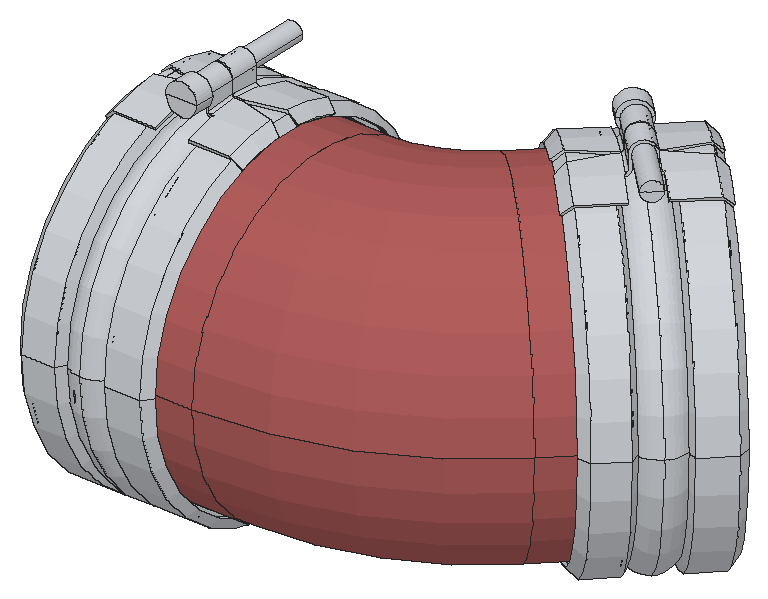
Revit family "PBUK_ES_Bend_AF002_NG", category Pipe Fittings, Revit 2024
Family settings
  Round Connector Dimension = Use Diameter
  Part Type = Elbow
  OmniClass Number = 23.60.30.11.14
  OmniClass Title = Pipework Fittings
  Work Plane-Based = No
  Always vertical = Yes
  Cut with Voids When Loaded = No
  Shared = No
Parameters (values of type "Standard")
  Weight [instance] = size_lookup(Lookup Table Name, "Poids", 0.00 kg, Nominal Diameter, Angle)  # 2.04 kg
  WarrantyStartDate [instance] = "Please Record On Commissioning"
  WarrantyGuarantorParts = "technical.uk@pambuilding.com"
  WarrantyGuarantorLabour = "N/A"
  WarrantyDurationUnit = "Years"
  WarrantyDurationParts = "0"
  WarrantyDurationLabour = "0"
  WarrantyDescription = "N/A"
  URL = "www.pambuilding.co.uk"
  Type IFC Predefined Type = "BEND"
  TagNumber [instance] = "Please Record On Commissioning"
  System Fire Rating = "A1"  # constant formula
  Symbol Length [instance] = Nominal Diameter * 0.6  # 75 mm
  Standard = "EN 877"  # constant formula
  Show Coupling 2 [instance] = yes
  Show Coupling 1 [instance] = yes
  SerialNumber [instance] = "Please Record On Commissioning"
  RC [instance] = size_lookup(Lookup Table Name, "RC", 0 mm, Nominal Diameter, Angle)  # 84.5 mm
  Quality Marks Check [instance] = size_lookup(Lookup Table Name, "qmc", 0 mm, Nominal Diameter, Angle)  # 0 mm
  Quality Marks [instance] = if(Quality Marks Check = 1 mm, "Kitemark KM 51733", "N/A")  # "N/A"
  Product URL = "https://source.thenbs.com/product/ensign-agilium-pipes-and-fittings/odGdd3woqo2ivn36LowFqJ/xp98iyxJDKXNKK66AMoSfU"
  Product Code [instance] = size_lookup(Lookup Table Name, "REF-STD", 0, Nominal Diameter, Angle)  # 283032
  NominalWidth [instance] = Dext  # 135 mm
  NominalLength [instance] = Ecart * sin(Angle b) + (2 * L + (3.14 * RC * Angle b) / 180.00°)  # 171.082 mm
  NominalHeight [instance] = Ecart * sin(Angle b) + (2 * L + (3.14 * RC * Angle b) / 180.00°)  # 171.082 mm
  Nominal Diameter [instance] = 125 mm
  ModelNumber [instance] = size_lookup(Lookup Table Name, "", "N/A", Nominal Diameter, Angle)  # "AF002"
  Material Fire Rating = "A1"  # constant formula
  Material = "Cast Iron"  # constant formula
  Manufacturer Product Range = "ENSIGN AGILIUM Soil"  # constant formula
  Lookup Table Name = "AF002_Short Radius Bend - DI & NG"
  Model = ""
  L [instance] = size_lookup(Lookup Table Name, "L", 0 mm, Nominal Diameter, Angle)  # 40 mm
  Keynote = "Bend"  # constant formula
  built-in parameter 1114238 [instance] = (empty or 0)
  Manufacturer = "Pam Building UK"  # constant formula
  InstallationDate [instance] = "Please Record On Commissioning"
  Export Type to IFC As = "IfcPipeFittingType"
  Ecart [instance] = RC * tan(Angle b / 2)  # 35.001 mm
  DurationUnit = "Years"
  Dext [instance] = size_lookup(Lookup Table Name, "Dext", 0 mm, Nominal Diameter, Angle)  # 135 mm
  Description = "Short Radius Bend"  # constant formula
  Default Elevation = 0 mm
  CreatedOn = "2019-12-15T10:00:00"
  CreatedBy = "technical.uk@pambuilding.com"
  Coupling Rotation 2 [instance] = 90.00°
  Coupling Rotation 1 [instance] = 90.00°
  Connection Gap 2 [instance] = if(Show Coupling 2, size_lookup(Lookup Table Name, "ConnectionGap", 0 mm, Nominal Diameter, Angle), 0 mm)  # 4 mm
  Connection Gap 1 [instance] = if(Show Coupling 1, size_lookup(Lookup Table Name, "ConnectionGap", 0 mm, Nominal Diameter, Angle), 0 mm)  # 4 mm
  ClassificationValue = "Pr_65_52_03_12"
  ClassificationName = "Uniclass2015"
  BarCode [instance] = "Please Record On Commissioning"
  AssetType = "Fixed"
  AssetIdentifier [instance] = "Please Record On Commissioning"
  Angle b [instance] = 45.00°
  Angle [instance] = if(and(Angle b > 85.00°, Angle b < 91.00°), 88.00°, if(and(Angle b > 65.00°, Angle b < 71.00°), 68.00°, if(and(Angle b > 42.00°, Angle b < 48.00°), 45.00°, if(and(Angle b > 27.00°, Angle b < 33.00°), 30.00°, if(and(Angle b > 19.00°, Angle b < 25.00°), 22.00°, if(and(Angle b > 12.00°, Angle b < 18.00°), 15.00°, 0.00°))))))  # 45.00°
Reference planes
  plane 1 "Centre (avant/arrière)": y = 0
  plane 2: z = 0
  plane 3 "Centre (gauche/droite)": x = 0
  plane 4: x = -35.001
  plane 5: y = 84.5
  plane 6: x = -79.001
  plane 7: x = -75.001
Forms (mm)
  Sweep 1, solid, material "PAM Cast iron - Ensign Soil", detail levels fine
    path in 3D
      loop
        line (53.034, 53.034, 0) -> (24.749, 24.749, 0)
        arc (24.749, 24.749, 0) -> (-2.664, 6.432, 0) -> (-35.001, 0, 0) r 84.5
        line (-35.001, 0, 0) -> (-75.001, 0, 0)
    profile origin (-55.001, 0, 0) x (0, -1, 0) y (0, 0, 1)
      loop
        circle (0, 0) r 67.5
  Sweep 2, solid, not visible
    path origin (0, 0, 0) x (1, 0, 0) y (0, 1, 0)
      loop
        line (-83.006, 0) -> (-79.001, 0)
    profile origin (-81.003, 0, 0) x (0, 1, 0) y (0, 0, 1)
      loop
        circle (0, 0) r 67.5
  Sweep 3, solid, not visible
    path origin (0, 0, 0) x (1, 0, 0) y (0, 1, 0)
      loop
        line (55.862, 55.862) -> (58.691, 58.691)
    profile origin (57.276, 57.276, 0) x (-0.707107, 0.707107, 0) y (0, 0, 1)
      loop
        circle (0, 0) r 67.5
Lines and regions (mm)
  reference lines
    curve 1: arc (-35.001, 0, 0) -> (-2.664, 6.432, 0) -> (24.749, 24.749, 0) r 84.5
    curve 2: line (24.749, 24.749, 0) -> (53.034, 53.034, 0)
    curve 3: line (-35.001, 0, 0) -> (-75.001, 0, 0)
  sketch lines
    curve 4: line (-35.001, 0, 0) -> (-75.001, 0, 0)
    curve 5: arc (-35.001, 0, 0) -> (-2.664, 6.432, 0) -> (24.749, 24.749, 0) r 84.5
    curve 6: line (24.749, 24.749, 0) -> (53.034, 53.034, 0)
  model lines, detail levels coarse+medium
    curve 7: line (-79.001, 0, 0) -> (-35.001, 0, 0)
    curve 8: arc (-35.001, 0, 0) -> (-2.664, 6.432, 0) -> (24.749, 24.749, 0) r 84.5
    curve 9: line (24.749, 24.749, 0) -> (55.862, 55.862, 0)
    curve 10: line (55.862, 55.862, 0) -> (82.379, 29.346, 0)
    curve 11: line (55.862, 55.862, 0) -> (29.346, 82.379, 0)
    curve 12: line (-79.001, 37.5, 0) -> (-79.001, 0, 0)
    curve 13: line (-79.001, 0, 0) -> (-79.001, -37.5, 0)
Dimensions and locks
  "Ecart": plane 4 to plane 3 "Centre (gauche/droite)"
  "RC": plane 5 to plane 1 "Centre (avant/arrière)"
  "L": curve 3 to curve 3
  "L": curve 2 to curve 2
  equal spacing: curve 10, curve 9, curve 11
  "Symbol Length": curve 11 to curve 10
  equal spacing: curve 13, plane 1 "Centre (avant/arrière)", curve 12
  "Symbol Length": curve 12 to curve 13
  "L": plane 7 to plane 4
  "Connection Gap 1": plane 6 to plane 7
  locked: Sweep 2 sketch curve to Sweep 2 sketch curve at 4.005
  "Connection Gap 2": Sweep 1 to curve 11
  Sweep 3 sketch curve to Sweep 3 sketch curve = 4 mm
  "RC": radius of curve 1
  "RC": radius of curve 8
  "Dext": diameter of Sweep 1 sketch curve
  "Dext": diameter of Sweep 2 sketch curve
  "Dext": diameter of Sweep 3 sketch curve
  "Angle b": angle curve 1 to curve 1
  "Angle b": angle plane 1 "Centre (avant/arrière)" to curve 2
  "Angle b": angle curve 8 to curve 8
  locked: curve 9 to curve 10 (angle 90.00°)
  locked: curve 11 to curve 9 (angle 90.00°)
  "Angle b": angle plane 1 "Centre (avant/arrière)" to curve 9
  "Angle b": angle plane 1 "Centre (avant/arrière)" to Sweep 3 sketch curve
  "Angle b": angle plane 1 "Centre (avant/arrière)" to nested 3
  aligned and locked: level to plane 2
  aligned and locked: plane 4 to curve 1
  aligned and locked: plane 5 to curve 1
  aligned and locked: plane 4 to curve 7
  aligned and locked: plane 1 "Centre (avant/arrière)" to curve 7
  aligned and locked: plane 1 "Centre (avant/arrière)" to Sweep 2 sketch curve
  aligned and locked: curve 12 to plane 6
  aligned and locked: plane 1 "Centre (avant/arrière)" to nested 1
  aligned and locked: plane 7 to nested 1
  aligned and locked: plane 6 to Sweep 2 sketch curve
  aligned and locked: Sweep 3 sketch curve to curve 10
  aligned and locked: curve 2 to Sweep 3 sketch curve
  aligned and locked: curve 2 to nested 3
  aligned and locked: nested 3 to Sweep 3
Automatic sketch dimensions
  Sweep 1 sketch curve to profile plane = 0 mm  (x2)
  Sweep 2 sketch curve to level = 0 mm
  Sweep 2 sketch curve to profile plane = 0 mm
  level to Sweep 3 sketch curve = 0 mm
  Sweep 3 sketch curve to profile plane = 0 mm
Nested families
  nested 1: "PBUK_RAPID S NG Coupling-Rotated Assembly" at (-75.001, 0, 0), Visibility <- "Show Coupling 1", visible <- "Show Coupling 1", Nominal Diameter <- "Nominal Diameter", Rotation <- "Coupling Rotation 1", type "Standard"
    with Visibility yes, Rotation 90.00°, Nominal Diameter 125 mm
  nested 2: "PBUK_ES_RAPID S NG Coupling_EC002NG" at (-77.001, 0, 0), type "Standard"
    with Weight 0.28 kg, WarrantyStartDate "", TagNumber "", SerialNumber "", Product Code 210428, NominalWidth 56 mm, NominalLength 147 mm, NominalHeight 161 mm, Nominal Diameter 125 mm, ModelNumber "EC002NG", M 8 mm, L 56 mm, IsCustom no, InstallationDate "", H 161 mm, D 147 mm, BarCode "", AssetIdentifier ""
  nested 3: "PBUK_RAPID S NG Coupling-Rotated Assembly" at (55.862, 55.862, 0) x (0.7071, 0.7071, 0) z (0, 0, 1), Visibility <- "Show Coupling 2", visible <- "Show Coupling 2", Nominal Diameter <- "Nominal Diameter", Rotation <- "Coupling Rotation 2", type "Standard"
    with Visibility yes, Rotation 90.00°, Nominal Diameter 125 mm
  nested 4: "PBUK_ES_RAPID S NG Coupling_EC002NG" at (54.448, 54.448, 0) x (0.7071, 0.7071, 0) z (0, 0, 1), type "Standard"
    with Weight 0.28 kg, WarrantyStartDate "", TagNumber "", SerialNumber "", Product Code 210428, NominalWidth 56 mm, NominalLength 147 mm, NominalHeight 161 mm, Nominal Diameter 125 mm, ModelNumber "EC002NG", M 8 mm, L 56 mm, IsCustom no, InstallationDate "", H 161 mm, D 147 mm, BarCode "", AssetIdentifier ""
Connectors
  piping at (-79.001, 0, 0), diameter 125, driven by "Nominal Diameter", driven by "Angle b"
    settings: on Sweep 2, index 2, connector inside diameter 609.6 mm, connector length 0 mm, flow factor 0, pipe flow 0.0 L/s, pressure drop 0.0 Pa, fitting loss kfactor 0, connector angle 45.00°, fixture units 0, engagement length 0 mm, angle of deflection 0.00°, flow configuration 0, flow direction 0, fitting loss method 0, system type 28, joint type 0, gender type 0, connector reference index 3, connector utility 0, adjustable connector no, is connector primary yes, connector description ""
  piping at (55.862, 55.862, 0), diameter 125, driven by "Nominal Diameter", driven by "Angle b"
    settings: on Sweep 3, index 3, connector inside diameter 609.6 mm, connector length 0 mm, flow factor 0, pipe flow 0.0 L/s, pressure drop 0.0 Pa, fitting loss kfactor 0, connector angle 45.00°, fixture units 0, engagement length 0 mm, angle of deflection 0.00°, flow configuration 0, flow direction 0, fitting loss method 0, system type 28, joint type 0, gender type 0, connector reference index 2, connector utility 0, adjustable connector no, is connector primary no, connector description ""
Definition of nested family "PBUK_ES_RAPID S NG Coupling_EC002NG"
  Parameters (values of type "Standard")
    Weight [instance] = size_lookup(Lookup Table Name, "Poids", 0.00 kg, Nominal Diameter)  # 0.18 kg
    WarrantyStartDate [instance] = "Please Record On Commissioning"
    WarrantyGuarantorParts = "technical.uk@pambuilding.com"
    WarrantyGuarantorLabour = "N/A"
    WarrantyDurationUnit = "Years"
    WarrantyDurationParts = "0"
    WarrantyDurationLabour = "0"
    WarrantyDescription = "N/A"
    URL = "www.pambuilding.co.uk"
    Type IFC Predefined Type = "TRANSITION"
    TagNumber [instance] = "Please Record On Commissioning"
    System Fire Rating = "A1"  # constant formula
    Standard = "EN 877"  # constant formula
    SerialNumber [instance] = "Please Record On Commissioning"
    Quality Marks = "Kitemark KM 51733"  # constant formula
    Product URL = "https://source.thenbs.com/product/ensign-agilium-pipes-and-fittings/odGdd3woqo2ivn36LowFqJ/xp98iyxJDKXNKK66AMoSfU"
    Product Code [instance] = size_lookup(Lookup Table Name, "REF-STD", 0, Nominal Diameter)  # 210427
    NominalWidth [instance] = L  # 48 mm
    NominalLength [instance] = D  # 125 mm
    NominalHeight [instance] = H  # 139 mm
    Nominal Diameter [instance] = 100 mm
    ModelNumber [instance] = size_lookup(Lookup Table Name, "", "N/A", Nominal Diameter)  # "EC002NG"
    Material Fire Rating = "A1"  # constant formula
    Material = "Stainless Steel"  # constant formula
    Manufacturer Product Range = "ENSIGN AGILIUM Soil"  # constant formula
    Lookup Table Name = "EC002NG_RAPID S NG coupling"
    Model = ""
    M [instance] = size_lookup(Lookup Table Name, "M", 0 mm, Nominal Diameter)  # 8 mm
    L [instance] = size_lookup(Lookup Table Name, "L", 0 mm, Nominal Diameter)  # 48 mm
    Keynote = "Coupling"  # constant formula
    IsCustom [instance] = no
    InstallationDate [instance] = "Please Record On Commissioning"
    H [instance] = size_lookup(Lookup Table Name, "H", 0 mm, Nominal Diameter)  # 139 mm
    Gasket Material = "EPDM"  # constant formula
    Manufacturer = "Pam Building UK"  # constant formula
    Export Type to IFC As = "IfcPipeFittingType"
    DurationUnit = "Years"
    Description = "Stainless Steel RAPID NG Coupling"  # constant formula
    Default Elevation = 0 mm
    D [instance] = size_lookup(Lookup Table Name, "D", 0 mm, Nominal Diameter)  # 125 mm
    CreatedOn = "2019-12-15T10:00:00"
    CreatedBy = "technical.uk@pambuilding.com"
    ClassificationValue = "Pr_65_52_03_12"
    ClassificationName = "Uniclass2015"
    BarCode [instance] = "Please Record On Commissioning"
    AssetType = "Fixed"
    AssetIdentifier [instance] = "Please Record On Commissioning"
  Reference planes
    plane 1 "Centre (avant/arrière)": y = 0
    plane 2: z = 0
    plane 3 "Centre (gauche/droite)": x = 0
    plane 4: z = 76.5
    plane 5: z = -62.5
    plane 6: z = 62.5
    plane 7: z = 69.5
    plane 8: x = -24
    plane 9: y = 62.5
    plane 10: x = 24
    plane 11: y = -62.5
    plane 12: y = -58.5
    plane 13: x = -20
    plane 14: x = -7
    plane 15: x = -9
    plane 16: x = 20
    plane 17: x = 7
    plane 18: x = 9
    plane 19: x = -8
    plane 20: x = 8
    plane 21: y = -61
    plane 22: y = -60.5
    plane 23: y = -57.089
    plane 24: y = -55.579
    plane 25: y = -52.089
    plane 26: x = -2
    plane 27: x = -19.5
    plane 28: x = -10
    plane 29: x = 19.5
    plane 30: x = 10
    plane 31: x = -17.5
    plane 32: x = 17.5
    plane 33: y = -53.579
    plane 34: x = 2
    plane 35: x = -21.9
    plane 36: x = -19.4
    plane 37: x = 21.9
    plane 38: x = 19.4
  Forms (mm)
    Revolve 1, solid, detail levels fine
      sketch origin (0, 0, 0) x (1, 0, 0) y (0, 1, 0)
        loop
          line (-24, -58.5) -> (-20, -62.5) -> (-9, -62.5) -> (-7, -58.5)
          arc (-7, -58.5) -> (-4.031, -61.429) -> (0, -62.5) r 8.125
          arc (0, -62.5) -> (4.031, -61.429) -> (7, -58.5) r 8.125
          line (7, -58.5) -> (9, -62.5) -> (21, -62.5) -> (24, -58.5) -> (21.9, -58.5) -> (19.4, -61) -> (9.927, -61) -> (7.971, -57.089) -> (6.044, -57.089)
          arc (6.044, -57.089) -> (3.599, -59.937) -> (0, -61) r 6.625
          arc (0, -61) -> (-3.599, -59.937) -> (-6.044, -57.089) r 6.625
          line (-6.044, -57.089) -> (-7.971, -57.089) -> (-9.927, -61) -> (-19.4, -61) -> (-21.9, -58.5) -> (-24, -58.5)
        axis (24, 0) -> (-24, 0)
      angle from 0 to 360
    Revolve 2, solid, detail levels fine
      sketch origin (0, 0, 0) x (1, 0, 0) y (0, 1, 0)
        loop
          line (-10, -60.5) -> (-7.844, -55.579) -> (0, -55.579) -> (7.844, -55.579) -> (10, -60.5) -> (19.5, -60.5) -> (19.5, -57.089) -> (17.5, -57.089) -> (17.5, -58.5) -> (11.307, -58.5) -> (9.152, -53.579) -> (2, -53.579) -> (2, -52.089) -> (-2, -52.089) -> (-2, -53.579) -> (-9.152, -53.579) -> (-11.307, -58.5) -> (-17.5, -58.5) -> (-17.5, -57.089) -> (-19.5, -57.089) -> (-19.5, -60.5) -> (-10, -60.5)
        axis (19.5, 0) -> (-19.5, 0)
      angle from 0 to 360
  Lines and regions (mm)
    reference lines
      curve 1: line (-24, 0, 0) -> (24, 0, 0)
  Dimensions and locks
    equal spacing: plane 6, level, plane 5
    "D": plane 6 to plane 5
    "H": plane 4 to plane 5
    equal spacing: plane 8, plane 3 "Centre (gauche/droite)", plane 10
    "L": plane 8 to plane 10
    equal spacing: plane 9, plane 1 "Centre (avant/arrière)", plane 11
    "D": plane 9 to plane 11
    equal spacing: plane 15, plane 19, plane 14
    equal spacing: plane 17, plane 20, plane 18
    equal spacing: plane 8, plane 19, plane 20, plane 10
    locked: plane 21 to plane 11 at 1.5
    locked: plane 22 to plane 21 at 0.5
    locked: plane 8 to plane 13 at 4
    locked: plane 11 to plane 12 at 4
    locked: plane 23 to plane 12 at 1.411
    plane 15 to plane 19 = 1 mm
    locked: plane 17 to plane 20 at 1
    locked: plane 16 to plane 10 at 4
    locked: plane 13 to plane 27 at 0.5
    locked: plane 16 to plane 29 at 0.5
    locked: plane 28 to plane 15 at 1
    locked: plane 30 to plane 18 at 1
    locked: plane 26 to plane 3 "Centre (gauche/droite)" at 2
    locked: plane 23 to plane 25 at 5
    locked: plane 27 to plane 31 at 2
    locked: plane 29 to plane 32 at 2
    locked: plane 24 to plane 23 at 1.51
    locked: plane 33 to plane 24 at 2
    locked: plane 3 "Centre (gauche/droite)" to plane 34 at 2
    locked: plane 35 to plane 8 at 2.1
    locked: plane 35 to plane 36 at 2.5
    locked: plane 37 to plane 10 at 2.1
    locked: plane 37 to plane 38 at 2.5
    Revolve 1 sketch curve to Revolve 1 sketch curve = 1.5 mm  (x2)
    Revolve 2 sketch curve to Revolve 2 sketch curve = 2 mm  (x2)
    equal spacing: plane 4, plane 7, plane 6
    aligned and locked: level to plane 2
    aligned and locked: plane 11 to Revolve 1 sketch curve  (x2)
    aligned and locked: plane 12 to Revolve 1 sketch curve  (x2)
    aligned and locked: plane 28 to Revolve 2 sketch curve
    aligned and locked: plane 22 to Revolve 2 sketch curve
    aligned and locked: plane 27 to Revolve 2 sketch curve
    aligned and locked: Revolve 2 sketch curve to plane 24
    aligned and locked: plane 23 to Revolve 2 sketch curve
    aligned and locked: Revolve 2 sketch curve to plane 1 "Centre (avant/arrière)"
    aligned and locked: Revolve 2 sketch curve to plane 12
    aligned and locked: plane 30 to Revolve 2 sketch curve
    aligned and locked: Revolve 2 sketch curve to plane 22
    aligned and locked: Revolve 2 sketch curve to plane 29
    aligned and locked: Revolve 2 sketch curve to plane 23
    aligned and locked: plane 12 to Revolve 2 sketch curve
    aligned and locked: plane 25 to Revolve 2 sketch curve
    aligned and locked: Revolve 2 sketch curve to plane 26
    aligned and locked: plane 32 to Revolve 2 sketch curve
    aligned and locked: plane 34 to Revolve 2 sketch curve
    aligned and locked: Revolve 2 sketch curve to Revolve 2 sketch curve
    aligned and locked: Revolve 2 sketch curve to plane 31
    aligned and locked: Revolve 1 sketch curve to plane 21
    aligned and locked: plane 35 to Revolve 1 sketch curve
    aligned and locked: Revolve 1 sketch curve to plane 12
    aligned and locked: plane 36 to Revolve 1 sketch curve
    aligned and locked: plane 38 to Revolve 1 sketch curve
    aligned and locked: plane 21 to Revolve 1 sketch curve  (x2)
    aligned and locked: plane 3 "Centre (gauche/droite)" to Revolve 1 sketch curve  (x2)
    aligned and locked: plane 17 to Revolve 1 sketch curve
    aligned and locked: plane 3 "Centre (gauche/droite)" to nested 1
    aligned and locked: plane 23 to Revolve 1 sketch curve  (x4)
    aligned and locked: plane 3 "Centre (gauche/droite)" to nested 2
    aligned and locked: plane 8 to curve 1
    aligned and locked: curve 1 to plane 2
    aligned and locked: plane 7 to nested 1
  Automatic sketch dimensions
    Revolve 2 sketch curve to plane 33 = 0 mm
    Revolve 2 sketch curve to plane 3 "Centre (gauche/droite)" = 0 mm
    Revolve 2 sketch curve to plane 15 = 0.152 mm
    Revolve 2 sketch curve to plane 18 = 0.152 mm
    Revolve 2 sketch curve to plane 8 = 1976 mm
    Revolve 2 sketch curve to plane 10 = 1976 mm
    Revolve 1 sketch curve to Revolve 1 sketch curve = 0 mm  (x3)
    plane 1 "Centre (avant/arrière)" to Revolve 1 sketch curve = 0 mm
    Revolve 1 sketch curve to plane 8 = 0 mm
    Revolve 1 sketch curve to plane 13 = 0 mm
    Revolve 1 sketch curve to plane 15 = 0 mm
    Revolve 1 sketch curve to plane 14 = 0 mm
    Revolve 1 sketch curve to plane 18 = 0 mm
    Revolve 1 sketch curve to plane 37 = 0 mm
    Revolve 1 sketch curve to plane 10 = 0 mm
    plane 11 to Revolve 1 sketch curve = 0 mm
    Revolve 1 sketch curve to plane 37 = 0.9 mm
    Revolve 1 sketch curve to plane 8 = 1976 mm
    Revolve 1 sketch curve to plane 10 = 1976 mm
    plane 10 to curve 1 = 0 mm
  Nested families
    nested 1: "Bolt" at (0, -12.32, 69.5), M <- "M", type "Standard", detail levels fine
      with T 4 mm, S 6 mm, M 8 mm, L 50 mm, K 8 mm, DK 13 mm
    nested 2: "Attachment" at (0, 0, 0), D <- "D", type "Standard", detail levels fine
      with R 4 mm, L 48 mm, H 139 mm, D 125 mm, Angle de fin -110.00°, Angle de départ -70.00°
  Definition of nested family "Bolt"
    Parameters (values of type "Standard")
      T [instance] = size_lookup(Nom de la table, "T", 0 mm, M)  # 4 mm
      S [instance] = size_lookup(Nom de la table, "S", 0 mm, M)  # 6 mm
      Nom de la table = "Vis 6 pans creux"
      L [instance] = size_lookup(Nom de la table, "L", 0 mm, M)  # 50 mm
      K [instance] = size_lookup(Nom de la table, "K", 0 mm, M)  # 8 mm
      Default Elevation = 0 mm
      DK [instance] = size_lookup(Nom de la table, "DK", 0 mm, M)  # 13 mm
      M [instance] = 8 mm
    Reference planes
      plane 1 "Centre (avant/arrière)": y = 0
      plane 2: z = 0
      plane 3 "Centre (gauche/droite)": x = 0
      plane 4: y = -8
      plane 5: y = 50
      plane 6: x = -4
      plane 7: x = 4
      plane 8: x = 6.5
      plane 9: x = -6.5
      plane 10: y = -4
      plane 11: x = -4
    Forms (mm)
      Revolve 1, solid
        sketch origin (0, 0, 0) x (1, 0, 0) y (0, 1, 0)
          loop
            line (-4, 50) -> (-4, 0) -> (0, 0) -> (0, 50) -> (-4, 50)
          axis (0, 50) -> (0, 0)
        angle from 0 to 360
      Revolve 2, solid
        sketch origin (0, 0, 0) x (1, 0, 0) y (0, 1, 0)
          loop
            line (-6.5, 0) -> (-6.5, -8) -> (0, -8) -> (0, 0) -> (-6.5, 0)
          axis (0, 0) -> (0, -8)
        angle from 0 to 360
    Dimensions and locks
      equal spacing: plane 9, plane 3 "Centre (gauche/droite)", plane 8
      equal spacing: plane 6, plane 3 "Centre (gauche/droite)", plane 7
      "L": plane 5 to plane 1 "Centre (avant/arrière)"
      "K": plane 1 "Centre (avant/arrière)" to plane 4
      "DK": plane 9 to plane 8
      "M": plane 6 to plane 7
      "T": plane 10 to plane 4
      locked: plane 11 to plane 6
      aligned and locked: level to plane 2
      aligned and locked: Revolve 1 sketch curve to plane 5
      aligned and locked: plane 6 to Revolve 1 sketch curve
      aligned and locked: Revolve 1 sketch curve to plane 1 "Centre (avant/arrière)"
      aligned and locked: Revolve 1 sketch curve to plane 3 "Centre (gauche/droite)"  (x2)
      aligned and locked: plane 9 to Revolve 2 sketch curve
      aligned and locked: plane 4 to Revolve 2 sketch curve
      aligned and locked: Revolve 2 sketch curve to plane 3 "Centre (gauche/droite)"  (x2)
      aligned and locked: plane 1 "Centre (avant/arrière)" to Revolve 2 sketch curve
    Automatic sketch dimensions
      Revolve 1 sketch curve to plane 4 = 1888.796 mm
      plane 5 to Revolve 1 sketch curve = 1680 mm
      Revolve 2 sketch curve to plane 4 = 1888.796 mm
      plane 5 to Revolve 2 sketch curve = 1680 mm
  Definition of nested family "Attachment"
    Parameters (values of type "Standard")
      R [instance] = size_lookup(Nom de la table, "R", 0 mm, D)  # 4 mm
      Nom de la table = "Attache Joint PAM Rapid"
      L [instance] = size_lookup(Nom de la table, "L", 0 mm, D)  # 42 mm
      H [instance] = size_lookup(Nom de la table, "H", 0 mm, D)  # 114 mm
      Default Elevation = 0 mm
      D [instance] = 94 mm
      Angle de fin [instance] = size_lookup(Nom de la table, "Angle de fin", 0.00°, D)  # -120.00°
      Angle de départ [instance] = size_lookup(Nom de la table, "Angle de départ", 0.00°, D)  # -60.00°
    Reference planes
      plane 1 "Centre (avant/arrière)": y = 0
      plane 2: z = 0
      plane 3 "Centre (gauche/droite)": x = 0
      plane 4: y = 47
      plane 5: y = -47
      plane 6: x = -21
      plane 7: x = 21
      plane 8: x = -17
      plane 9: x = 17
      plane 10: y = 43
      plane 11: y = 43
      plane 12: z = 47
      plane 13: z = -47
      plane 14: z = 57
      plane 15: x = -4
      plane 16: y = 52
      plane 17: x = 4
      plane 18: y = 67
      plane 19: z = 67
    Forms (mm)
      Revolve 1, solid
        sketch origin (0, 0, 0) x (1, 0, 0) y (0, 1, 0)
          loop
            line (-21, 43) -> (-17, 47) -> (-6, 47)
            arc (-6, 47) -> (-4.586, 47.586) -> (-4, 49) r 2
            line (-4, 49) -> (-4, 52) -> (-5, 52) -> (-5, 49)
            arc (-5, 49) -> (-5.293, 48.293) -> (-6, 48) r 1
            line (-6, 48) -> (-17.414, 48) -> (-21.707, 43.707) -> (-21, 43)
          loop
            line (21, 43) -> (21.707, 43.707) -> (17.414, 48) -> (6, 48)
            arc (6, 48) -> (5.293, 48.293) -> (5, 49) r 1
            line (5, 49) -> (5, 52) -> (4, 52) -> (4, 49)
            arc (4, 49) -> (4.586, 47.586) -> (6, 47) r 2
            line (6, 47) -> (17, 47) -> (21, 43)
          axis (21.707, 0) -> (-21.707, 0)
        angle from -60 <- "Angle de départ" to -120 <- "Angle de fin"
      Extrusion 2, void
        sketch origin (0, 0, 0) x (1, 0, 0) y (0, 1, 0)
          loop
            line (-23.553, -5.678) -> (-9.289, -0.4) -> (-9.289, 0.4) -> (-23.553, 5.678) -> (-23.553, -5.678)
          loop
            line (23.553, -5.678) -> (23.553, 5.678) -> (9.289, 0.4) -> (9.289, -0.4) -> (23.553, -5.678)
        from 0 to 250
      Extrusion 3, void
        sketch origin (0, 0, 0) x (1, 0, 0) y (0, 1, 0)
          loop
            line (-6.711, -141.933) -> (7, -141.933) -> (7, -12.32) -> (-6.711, -12.32) -> (-6.711, -141.933)
          loop
            line (-6.711, 111.88) -> (-6.711, 12.32) -> (7, 12.32) -> (7, 111.88) -> (-6.711, 111.88)
          loop
            line (-9.289, 0.4) -> (-9.289, -0.4) -> (9.289, -0.4) -> (9.289, 0.4) -> (-9.289, 0.4)
        from 0 to 250
      Extrusion 4, solid
        sketch origin (0, 0, 0) x (1, 0, 0) y (0, 0, 1)
          loop
            line (-5, 57) -> (-5, 49.353) -> (-4, 49.353) -> (-4, 57)
            arc (-4, 57) -> (0, 61) -> (4, 57) r 4
            line (4, 57) -> (4, 49.353) -> (5, 49.353) -> (5, 57)
            arc (5, 57) -> (0, 62) -> (-5, 57) r 5
        from -12.5 to 12.5
    Cuts and joins
      Extrusion 2, Extrusion 3 cuts Revolve 1
      Extrusion 3 cuts Extrusion 4
      joined: Revolve 1, Extrusion 4
    Dimensions and locks
      equal spacing: plane 4, plane 1 "Centre (avant/arrière)", plane 5
      "D": plane 4 to plane 5
      equal spacing: plane 6, plane 3 "Centre (gauche/droite)", plane 7
      "L": plane 6 to plane 7
      locked: plane 6 to plane 8 at 4
      locked: plane 7 to plane 9 at 4
      locked: plane 4 to plane 10 at 4
      locked: plane 4 to plane 11 at 4
      equal spacing: plane 12, level, plane 13
      "D": plane 12 to plane 13
      "R": plane 15 to plane 3 "Centre (gauche/droite)"
      plane 16 to plane 4 = 5 mm
      "R": plane 3 "Centre (gauche/droite)" to plane 17
      Revolve 1 sketch curve to Revolve 1 sketch curve = 1 mm  (x4)
      Extrusion 4 sketch curve to Extrusion 4 sketch curve = 1 mm  (x2)
      "H": plane 5 to plane 18
      "H": plane 19 to plane 13
      equal spacing: plane 19, plane 14, plane 12
      radius of Revolve 1 sketch curve = 1 mm  (x2)
      radius of Revolve 1 sketch curve = 2 mm  (x2)
      "R": radius of Extrusion 4 sketch curve
      aligned and locked: level to plane 2
      aligned and locked: Revolve 1 sketch curve to plane 1 "Centre (avant/arrière)"
      aligned and locked: Revolve 1 sketch curve to plane 15
      aligned and locked: plane 16 to Revolve 1 sketch curve
      aligned and locked: Revolve 1 sketch curve to Revolve 1 sketch curve
      aligned and locked: Revolve 1 sketch curve to plane 17
    Automatic sketch dimensions
      Extrusion 2 sketch curve to plane 6 = 2.553 mm
      Extrusion 2 sketch curve to plane 7 = 2.553 mm
      plane 1 "Centre (avant/arrière)" to Extrusion 2 sketch curve = 5.678 mm  (x2)
      plane 1 "Centre (avant/arrière)" to Extrusion 2 sketch curve = 0.4 mm  (x2)
      Extrusion 2 sketch curve to plane 1 "Centre (avant/arrière)" = 0.4 mm  (x2)
      Extrusion 2 sketch curve to plane 1 "Centre (avant/arrière)" = 5.678 mm  (x2)
      plane 1 "Centre (avant/arrière)" to Extrusion 3 sketch curve = 141.933 mm
      plane 1 "Centre (avant/arrière)" to Extrusion 3 sketch curve = 12.32 mm
      plane 1 "Centre (avant/arrière)" to Extrusion 3 sketch curve = 0.4 mm
      Extrusion 3 sketch curve to plane 1 "Centre (avant/arrière)" = 0.4 mm
      Extrusion 3 sketch curve to Extrusion 3 sketch curve = 11.92 mm
      Extrusion 3 sketch curve to Extrusion 3 sketch curve = 99.56 mm
      plane 3 "Centre (gauche/droite)" to Extrusion 2 sketch curve = 9.289 mm
      plane 3 "Centre (gauche/droite)" to Extrusion 3 sketch curve = 7 mm  (x2)
      plane 3 "Centre (gauche/droite)" to Extrusion 3 sketch curve = 9.289 mm
      Extrusion 2 sketch curve to plane 3 "Centre (gauche/droite)" = 9.289 mm
      Extrusion 3 sketch curve to plane 3 "Centre (gauche/droite)" = 6.711 mm  (x2)
      Extrusion 3 sketch curve to plane 3 "Centre (gauche/droite)" = 9.289 mm
      Revolve 1 sketch curve to Revolve 1 sketch curve = 0 mm  (x2)
      Revolve 1 sketch curve to plane 6 = 0 mm
      Revolve 1 sketch curve to plane 4 = 0 mm  (x2)
      Revolve 1 sketch curve to plane 8 = 0 mm
      Revolve 1 sketch curve to plane 9 = 0 mm
      Revolve 1 sketch curve to plane 7 = 0 mm
      plane 10 to Revolve 1 sketch curve = 0 mm
      Revolve 1 sketch curve to plane 10 = 0 mm
      Revolve 1 sketch curve to plane 6 = 0.707 mm
      Revolve 1 sketch curve to plane 9 = 0.414 mm
      Revolve 1 sketch curve to plane 6 = 1976 mm
      Revolve 1 sketch curve to plane 7 = 1976 mm
      Extrusion 4 sketch curve to Extrusion 4 sketch curve = 0 mm  (x2)
      Extrusion 4 sketch curve to plane 14 = 0 mm
      Extrusion 4 sketch curve to plane 15 = 0 mm
      plane 12 to Extrusion 4 sketch curve = 2.353 mm  (x2)
